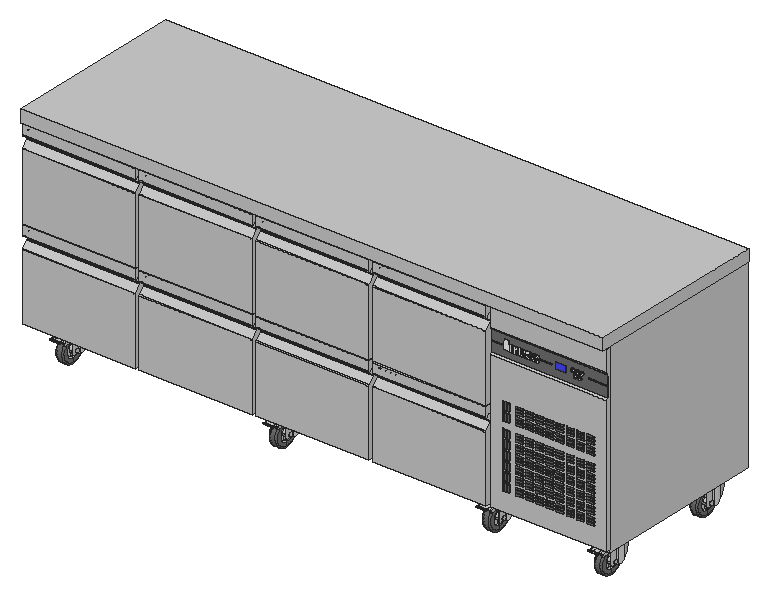
Revit family "QF_INOMAK_PNRP9999_250513010757", category Specialty Equipment, Revit 2021 (continued)
Definition of nested family "QF_INOMAK_REF_COUNTERS_DOORS_DRAWERS_35390"
  Nested families
    nested 8: "Hinged_Doors" at (0, 700, 0), Length Actual <- "Length Actual", Depth Actual <- "Depth Actual", Height Actual <- "Height Actual", Front inset <- "Front inset", Rear inset <- "Rear inset", Left panel thickness <- "Left panel thickness", Right panel thickness <- "Right panel thickness", Doors drawers type <- "Doors drawers type", Plinth height <- "Plinth height", Top inset <- "Top inset", Bottom inset <- "Bottom inset", Finish <- "Finish", type "Hinged doors"
      with Top inset 10 mm, Right panel thickness 0 mm, Rear inset 0 mm, Plinth height 0 mm, Length Actual 435 mm, Left panel thickness 0 mm, Hinged doors no, Height Actual 710 mm, Front inset 10 mm, Finish none, Doors drawers type 8, Depth Actual 700 mm, Bottom inset 10 mm
    nested 9: "Hopper" at (0, 700, 1.284), Length Actual <- "Length Actual", Depth Actual <- "Depth Actual", Height Actual <- "Height Actual", Front inset <- "Front inset", Rear inset <- "Rear inset", Left panel thickness <- "Left panel thickness", Right panel thickness <- "Right panel thickness", Doors drawers type <- "Doors drawers type", Plinth height <- "Plinth height", Top inset <- "Top inset", Bottom inset <- "Bottom inset", Finish <- "Finish", type "Hopper"
      with Top inset 10 mm, Right panel thickness 0 mm, Rear inset 0 mm, Plinth height 0 mm, Length Actual 435 mm, Left panel thickness 0 mm, Hopper no, Height Actual 710 mm, Front inset 10 mm, Finish none, Doors drawers type 8, Depth Actual 700 mm, Bottom inset 10 mm
  Definition of nested family "Left_Door"
    Parameters (values of type "Left door")
      URL = "www.specifiglobal.com"
      Top inset [instance] = 10 mm
      Right panel thickness [instance] = 0 mm
      Rear inset [instance] = 0 mm
      Plinth height [instance] = 150 mm
      Model = ""
      Manufacturer = "DEMO CONSULTANT"
      Length Actual [instance] = 700 mm
      Left panel thickness [instance] = 0 mm
      Left hand hinged door [instance] = Doors drawers type = 8  # yes
      Height Actual [instance] = 710 mm
      Front inset [instance] = 10 mm
      Finish = none
      Doors drawers type [instance] = 8
      Description = ""
      Depth Actual [instance] = 700 mm
      Default Elevation = 0 mm
      Bottom inset [instance] = 0 mm
      Assembly Code = "E1090320"
    Reference planes
      plane 1 "Back": y = 0
      plane 2: z = 0
      plane 3 "Left": x = 0
      plane 4 "Right": x = 700
      plane 5 "Front": y = -700
      plane 6 "Top": z = 860
      plane 7 "Front legs": y = -690
      plane 8 "Legs top": z = 150
      plane 9 "Backsplash thickness": y = 0
      plane 10 "Left panel": x = 0
      plane 11 "Right panel": x = 700
      plane 12: z = 850
      plane 13: z = 150
    Forms (mm)
      Extrusion 1, solid, material <- "Finish", visible <- "Left hand hinged door"
        sketch origin (0, 0, 0) x (0, -1, 0) y (0, 0, 1)
          loop
            line (690, 150) -> (690, 764.365)
            arc (690, 764.365) -> (689.866, 765.037) -> (689.485, 765.607) r 1.757
            line (689.485, 765.607) -> (666.663, 788.429)
            arc (666.663, 788.429) -> (665.976, 789.458) -> (665.734, 790.672) r 3.172
            line (665.734, 790.672) -> (665.734, 817.576)
            arc (665.734, 817.576) -> (666.433, 819.262) -> (668.119, 819.961) r 2.385
            line (668.119, 819.961) -> (680.029, 819.961) -> (686.544, 810.657)
            arc (686.544, 810.657) -> (688.671, 809.935) -> (690, 811.747) r 1.9
            line (690, 811.747) -> (690, 850) -> (648, 850) -> (648, 150) -> (690, 150)
        from 0 to -700
      Extrusion 2, solid, visible <- "Left hand hinged door", detail levels coarse
        sketch origin (0, -700, 150) x (-1, 0, 0) y (0, 1, 0)
          loop
            arc (-700, 10) -> (-495.871, -481.066) -> (0, -673.23) r 677.11
            line (0, -673.23) -> (0, 10) -> (-700, 10)
        from 0 to -700
    Lines and regions (mm)
      symbolic lines, visible <- "Left hand hinged door"
        curve 1: line (0, -700, 150) -> (0, -1373.247, 150)
        curve 2: arc (0, -1373.247, 150) -> (492.316, -1184.595, 150) -> (700, -700, 150) r 676.963
    Dimensions and locks
      "Length Actual": plane 3 "Left" to plane 4 "Right"
      "Depth Actual": plane 5 "Front" to plane 1 "Back"
      "Height Actual": plane 6 "Top" to plane 8 "Legs top"
      "Front inset": plane 7 "Front legs" to plane 5 "Front"
      "Plinth height": plane 8 "Legs top" to plane 2
      "Rear inset": plane 9 "Backsplash thickness" to plane 1 "Back"
      "Right panel thickness": plane 11 "Right panel" to plane 4 "Right"
      "Left panel thickness": plane 3 "Left" to plane 10 "Left panel"
      "Top inset": plane 6 "Top" to plane 12
      "Bottom inset": plane 13 to plane 8 "Legs top"
      aligned and locked: level to plane 2
      aligned and locked: Extrusion 1 to plane 11 "Right panel"
      aligned and locked: plane 10 "Left panel" to Extrusion 2 sketch curve
      aligned and locked: plane 11 "Right panel" to Extrusion 2 sketch curve
      aligned and locked: Extrusion 2 sketch curve to plane 10 "Left panel"
      aligned and locked: plane 7 "Front legs" to Extrusion 2 sketch curve
      aligned and locked: plane 7 "Front legs" to Extrusion 2
      aligned and locked: plane 10 "Left panel" to Extrusion 2
      aligned and locked: Extrusion 2 to plane 12
      aligned and locked: Extrusion 1 sketch curve to plane 13
      aligned and locked: Extrusion 1 sketch curve to plane 7 "Front legs"
      aligned and locked: Extrusion 1 sketch curve to plane 12
    Automatic sketch dimensions
      Extrusion 1 sketch curve to Extrusion 1 sketch curve = 1.556 mm
      Extrusion 1 sketch curve to Extrusion 1 sketch curve = 11.91 mm
      Extrusion 1 sketch curve to Extrusion 1 sketch curve = 2.243 mm
      Extrusion 1 sketch curve to Extrusion 1 sketch curve = 2.385 mm
      Extrusion 1 sketch curve to Extrusion 1 sketch curve = 20.119 mm
      Extrusion 1 sketch curve to Extrusion 1 sketch curve = 22.822 mm
      Extrusion 1 sketch curve to Extrusion 1 sketch curve = 19.985 mm
      Extrusion 1 sketch curve to Extrusion 1 sketch curve = 6.919 mm
      Extrusion 1 sketch curve to Extrusion 1 sketch curve = 30.039 mm
      plane 7 "Front legs" to Extrusion 1 sketch curve = 42 mm
      Extrusion 1 sketch curve to Extrusion 1 sketch curve = 0.929 mm
      Extrusion 1 sketch curve to Extrusion 1 sketch curve = 6.515 mm
      Extrusion 1 sketch curve to Extrusion 1 sketch curve = 1.242 mm
      Extrusion 1 sketch curve to Extrusion 1 sketch curve = 1.9 mm
      Extrusion 1 sketch curve to Extrusion 1 sketch curve = 0.515 mm
      plane 5 "Front" to Extrusion 2 sketch curve = 3.492 mm
      plane 3 "Left" to Extrusion 2 sketch curve = 22.921 mm
      curve 1 to plane 3 "Left" = 0 mm
      curve 2 to plane 4 "Right" = 0 mm
      curve 2 to plane 5 "Front" = 0 mm
      curve 1 to plane 5 "Front" = 0 mm
      plane 5 "Front" to curve 2 = 3.324 mm
      plane 3 "Left" to curve 2 = 23.045 mm
  Definition of nested family "Right_Door"
    Parameters (values of type "Right door")
      URL = "www.specifiglobal.com"
      Top inset [instance] = 4 mm
      Right panel thickness [instance] = 35 mm
      Right hand hinged door [instance] = Doors drawers type = 9  # yes
      Rear inset [instance] = 10 mm
      Plinth height [instance] = 150 mm
      Model = ""
      Manufacturer = "DEMO CONSULTANT"
      Length Actual [instance] = 1700 mm
      Left panel thickness [instance] = 35 mm
      Height Actual [instance] = 900 mm
      Front inset [instance] = 10 mm
      Finish = none
      Doors drawers type [instance] = 9
      Description = ""
      Depth Actual [instance] = 700 mm
      Default Elevation = 0 mm
      Bottom inset [instance] = 4 mm
      Assembly Code = "E1090320"
    Reference planes
      plane 1 "Back": y = 0
      plane 2: z = 0
      plane 3 "Left": x = 0
      plane 4 "Right": x = 1700
      plane 5 "Front": y = -700
      plane 6 "Top": z = 1050
      plane 7 "Front legs": y = -690
      plane 8 "Legs top": z = 150
      plane 9 "Backsplash thickness": y = -10
      plane 10 "Left panel": x = 35
      plane 11 "Right panel": x = 1665
      plane 12: z = 1046
      plane 13: z = 154
    Forms (mm)
      Extrusion 1, solid, material <- "Finish", visible <- "Right hand hinged door"
        sketch origin (35, 0, 0) x (0, -1, 0) y (0, 0, 1)
          loop
            line (690, 154) -> (690, 960.365)
            arc (690, 960.365) -> (689.866, 961.037) -> (689.485, 961.607) r 1.757
            line (689.485, 961.607) -> (666.663, 984.429)
            arc (666.663, 984.429) -> (665.976, 985.458) -> (665.734, 986.672) r 3.172
            line (665.734, 986.672) -> (665.734, 1013.576)
            arc (665.734, 1013.576) -> (666.433, 1015.262) -> (668.119, 1015.961) r 2.385
            line (668.119, 1015.961) -> (680.029, 1015.961) -> (686.544, 1006.657)
            arc (686.544, 1006.657) -> (688.671, 1005.935) -> (690, 1007.747) r 1.9
            line (690, 1007.747) -> (690, 1046) -> (648, 1046) -> (648, 154) -> (690, 154)
        from 0 to -1630
      Extrusion 2, solid, visible <- "Right hand hinged door", detail levels coarse
        sketch origin (0, -700, 154) x (-1, 0, 0) y (0, 1, 0)
          loop
            line (-1665, 10) -> (-1665, -1637.12)
            arc (-1665, -1637.12) -> (-517.894, -1142.214) -> (-35, 10) r 1670.236
            line (-35, 10) -> (-1665, 10)
        from 0 to -892
    Lines and regions (mm)
      symbolic lines, visible <- "Right hand hinged door"
        curve 1: line (1665, -2337.12, 150) -> (1665, -700, 150)
        curve 2: arc (1665, -2337.12, 150) -> (521.415, -1845.762, 150) -> (35.165, -699.995, 150) r 1670.236
    Dimensions and locks
      "Length Actual": plane 3 "Left" to plane 4 "Right"
      "Depth Actual": plane 5 "Front" to plane 1 "Back"
      "Height Actual": plane 6 "Top" to plane 8 "Legs top"
      "Front inset": plane 7 "Front legs" to plane 5 "Front"
      "Plinth height": plane 8 "Legs top" to plane 2
      "Rear inset": plane 9 "Backsplash thickness" to plane 1 "Back"
      "Right panel thickness": plane 11 "Right panel" to plane 4 "Right"
      "Left panel thickness": plane 3 "Left" to plane 10 "Left panel"
      "Top inset": plane 6 "Top" to plane 12
      "Bottom inset": plane 13 to plane 8 "Legs top"
      aligned and locked: level to plane 2
      aligned and locked: Extrusion 1 to plane 11 "Right panel"
      aligned and locked: plane 10 "Left panel" to Extrusion 2 sketch curve
      aligned and locked: plane 11 "Right panel" to Extrusion 2 sketch curve
      aligned and locked: plane 7 "Front legs" to Extrusion 2
      aligned and locked: plane 7 "Front legs" to Extrusion 2 sketch curve
      aligned and locked: Extrusion 2 sketch curve to plane 11 "Right panel"
      aligned and locked: curve 1 to Extrusion 2
      aligned and locked: plane 5 "Front" to curve 1
      aligned and locked: Extrusion 2 to plane 12
      aligned and locked: Extrusion 1 sketch curve to plane 12
      aligned and locked: Extrusion 1 sketch curve to plane 7 "Front legs"
      aligned and locked: Extrusion 1 sketch curve to plane 13
      aligned and locked: curve 2 to Extrusion 2
    Automatic sketch dimensions
      Extrusion 1 sketch curve to Extrusion 1 sketch curve = 1.556 mm
      Extrusion 1 sketch curve to Extrusion 1 sketch curve = 11.91 mm
      Extrusion 1 sketch curve to Extrusion 1 sketch curve = 2.243 mm
      Extrusion 1 sketch curve to Extrusion 1 sketch curve = 2.385 mm
      Extrusion 1 sketch curve to Extrusion 1 sketch curve = 20.119 mm
      Extrusion 1 sketch curve to Extrusion 1 sketch curve = 22.822 mm
      Extrusion 1 sketch curve to Extrusion 1 sketch curve = 19.985 mm
      Extrusion 1 sketch curve to Extrusion 1 sketch curve = 6.919 mm
      Extrusion 1 sketch curve to Extrusion 1 sketch curve = 30.039 mm
      plane 7 "Front legs" to Extrusion 1 sketch curve = 42 mm
      Extrusion 1 sketch curve to Extrusion 1 sketch curve = 0.929 mm
      Extrusion 1 sketch curve to Extrusion 1 sketch curve = 6.515 mm
      Extrusion 1 sketch curve to Extrusion 1 sketch curve = 1.242 mm
      Extrusion 1 sketch curve to Extrusion 1 sketch curve = 1.9 mm
      Extrusion 1 sketch curve to Extrusion 1 sketch curve = 0.515 mm
      Extrusion 2 sketch curve to plane 4 "Right" = 5.083 mm
      plane 7 "Front legs" to Extrusion 2 sketch curve = 22.635 mm
      plane 5 "Front" to curve 2 = 0.005 mm
  Definition of nested family "3_Drawers_1-3"
    Parameters (values of type "3 Drawers 1-3")
      URL = "www.specifiglobal.com"
      Top inset [instance] = 4 mm
      Right panel thickness [instance] = 35 mm
      Rear inset [instance] = 10 mm
      Plinth height [instance] = 150 mm
      Model = ""
      Manufacturer = "DEMO CONSULTANT"
      Length Actual [instance] = 1200 mm
      Left panel thickness [instance] = 35 mm
      Height Actual [instance] = 900 mm
      Front inset [instance] = 10 mm
      Finish = none
      Doors drawers type [instance] = 6
      Description = ""
      Depth Actual [instance] = 700 mm
      Default Elevation = 0 mm
      Bottom inset [instance] = 4 mm
      Assembly Code = "E1090320"
      3 Drawers [instance] = Doors drawers type = 6  # yes
    Reference planes
      plane 1 "Back": y = 0
      plane 2: z = 0
      plane 3 "Left": x = 0
      plane 4 "Right": x = 1200
      plane 5 "Front": y = -700
      plane 6 "Top": z = 1050
      plane 7 "Front legs": y = -690
      plane 8 "Legs top": z = 150
      plane 9 "Backsplash thickness": y = -10
      plane 10 "Left panel": x = 35
      plane 11 "Right panel": x = 1165
      plane 12: z = 749.333
      plane 13: z = 1046
      plane 14: z = 751.667
      plane 15: z = 747
      plane 16: z = 1048
      plane 17: z = 450.667
      plane 18: z = 453.333
      plane 19: z = 448
      plane 20: z = 154
      plane 21: z = 152
    Forms (mm)
      Extrusion 1, solid, material <- "Finish", visible <- "3 Drawers"
        sketch origin (35, 0, 0) x (0, -1, 0) y (0, 0, 1)
          loop
            line (690, 751.667) -> (690, 960.365)
            arc (690, 960.365) -> (689.866, 961.037) -> (689.485, 961.607) r 1.757
            line (689.485, 961.607) -> (666.663, 984.429)
            arc (666.663, 984.429) -> (665.976, 985.458) -> (665.734, 986.672) r 3.172
            line (665.734, 986.672) -> (665.734, 1013.576)
            arc (665.734, 1013.576) -> (666.433, 1015.262) -> (668.119, 1015.961) r 2.385
            line (668.119, 1015.961) -> (680.029, 1015.961) -> (686.544, 1006.657)
            arc (686.544, 1006.657) -> (688.671, 1005.935) -> (690, 1007.747) r 1.9
            line (690, 1007.747) -> (690, 1046) -> (648, 1046) -> (648, 751.667) -> (690, 751.667)
        from 0 to -1130
      Extrusion 2, solid, visible <- "3 Drawers", detail levels coarse
        sketch origin (0, -640.463, 751.667) x (0, 1, 0) y (-1, 0, 0)
          loop
            line (-49.537, -35) -> (-624.582, -35) -> (-624.582, -1165) -> (-49.537, -1165) -> (-49.537, -35)
        from 0 to 294.333
      Extrusion 3, solid, visible <- "3 Drawers", detail levels coarse
        sketch origin (0, -640.463, 453.333) x (0, 1, 0) y (-1, 0, 0)
          loop
            line (-49.537, -35) -> (-624.582, -35) -> (-624.582, -1165) -> (-49.537, -1165) -> (-49.537, -35)
        from 0 to 293.667
      Extrusion 4, solid, visible <- "3 Drawers", detail levels coarse
        sketch origin (0, -700, 154) x (-1, 0, 0) y (0, 1, 0)
          loop
            line (-35, 10) -> (-1165, 10) -> (-1165, -565.045) -> (-35, -565.045) -> (-35, 10)
        from 0 to -294
      Extrusion 5, solid, material <- "Finish", visible <- "3 Drawers"
        sketch origin (35, 0, -220.667) x (0, -1, 0) y (0, 0, 1)
          loop
            line (690, 674) -> (690, 882.031)
            arc (690, 882.031) -> (689.866, 882.704) -> (689.485, 883.274) r 1.757
            line (689.485, 883.274) -> (666.663, 906.096)
            arc (666.663, 906.096) -> (665.976, 907.125) -> (665.734, 908.339) r 3.172
            line (665.734, 908.339) -> (665.734, 935.243)
            arc (665.734, 935.243) -> (666.433, 936.929) -> (668.119, 937.628) r 2.385
            line (668.119, 937.628) -> (680.029, 937.628) -> (686.544, 928.324)
            arc (686.544, 928.324) -> (688.671, 927.602) -> (690, 929.414) r 1.9
            line (690, 929.414) -> (690, 967.667) -> (648, 967.667) -> (648, 674) -> (690, 674)
        from 0 to -1130
      Extrusion 6, solid, material <- "Finish", visible <- "3 Drawers"
        sketch origin (35, 0, -441.333) x (0, -1, 0) y (0, 0, 1)
          loop
            line (690, 595.333) -> (690, 800.031)
            arc (690, 800.031) -> (689.866, 800.704) -> (689.485, 801.274) r 1.757
            line (689.485, 801.274) -> (666.663, 824.096)
            arc (666.663, 824.096) -> (665.976, 825.125) -> (665.734, 826.339) r 3.172
            line (665.734, 826.339) -> (665.734, 857.243)
            arc (665.734, 857.243) -> (666.433, 858.929) -> (668.119, 859.628) r 2.385
            line (668.119, 859.628) -> (680.029, 859.628) -> (686.544, 850.324)
            arc (686.544, 850.324) -> (688.671, 849.602) -> (690, 851.414) r 1.9
            line (690, 851.414) -> (690, 889.333) -> (648, 889.333) -> (648, 595.333) -> (690, 595.333)
        from 0 to -1130
    Lines and regions (mm)
      symbolic lines, visible <- "3 Drawers"
        curve 1: line (35, -850, 900) -> (35, -890, 900)
        curve 2: line (35, -890, 900) -> (1165, -890, 900)
        curve 3: line (1165, -890, 900) -> (1165, -850, 900)
        curve 4: line (1165, -850, 900) -> (35, -850, 900)
        curve 5: line (1135, -850, 900) -> (1135, -700, 900)
        curve 6: line (65, -850, 900) -> (65, -700, 900)
        curve 7: line (35, -1040, 900) -> (35, -1080, 900)
        curve 8: line (35, -1080, 900) -> (1165, -1080, 900)
        curve 9: line (1165, -1080, 900) -> (1165, -1040, 900)
        curve 10: line (1165, -1040, 900) -> (35, -1040, 900)
        curve 11: line (1135, -1040, 900) -> (1135, -890, 900)
        curve 12: line (65, -1040, 900) -> (65, -890, 900)
        curve 13: line (35, -1225, 900) -> (35, -1265, 900)
        curve 14: line (35, -1265, 900) -> (1165, -1265, 900)
        curve 15: line (1165, -1265, 900) -> (1165, -1225, 900)
        curve 16: line (1165, -1225, 900) -> (35, -1225, 900)
        curve 17: line (1135, -1225, 900) -> (1135, -1080, 900)
        curve 18: line (65, -1225, 900) -> (65, -1080, 900)
    Dimensions and locks
      "Length Actual": plane 3 "Left" to plane 4 "Right"
      "Depth Actual": plane 5 "Front" to plane 1 "Back"
      "Height Actual": plane 6 "Top" to plane 8 "Legs top"
      "Front inset": plane 7 "Front legs" to plane 5 "Front"
      "Plinth height": plane 8 "Legs top" to plane 2
      "Rear inset": plane 9 "Backsplash thickness" to plane 1 "Back"
      "Right panel thickness": plane 11 "Right panel" to plane 4 "Right"
      "Left panel thickness": plane 3 "Left" to plane 10 "Left panel"
      plane 14 to plane 15 = 4.667 mm
      equal spacing: plane 14, plane 12, plane 15
      locked: plane 16 to plane 13 at 2
      equal spacing: plane 18, plane 17, plane 19
      plane 18 to plane 19 = 5.333 mm
      "Bottom inset": plane 20 to plane 8 "Legs top"
      equal spacing: plane 21, plane 17, plane 12, plane 16
      "Top inset": plane 13 to plane 6 "Top"
      locked: plane 21 to plane 20 at 2
      aligned and locked: level to plane 2
      aligned and locked: Extrusion 1 to plane 11 "Right panel"
      aligned and locked: plane 10 "Left panel" to curve 1
      aligned and locked: plane 10 "Left panel" to curve 7
      aligned and locked: plane 10 "Left panel" to curve 13
      aligned and locked: Extrusion 2 sketch curve to plane 10 "Left panel"
      aligned and locked: plane 11 "Right panel" to Extrusion 2 sketch curve
      aligned and locked: Extrusion 3 sketch curve to plane 10 "Left panel"
      aligned and locked: plane 11 "Right panel" to Extrusion 3 sketch curve
      aligned and locked: Extrusion 4 sketch curve to plane 10 "Left panel"
      aligned and locked: plane 11 "Right panel" to Extrusion 4 sketch curve
      aligned and locked: Extrusion 2 to plane 13
      aligned and locked: Extrusion 3 to plane 15
      aligned and locked: Extrusion 4 to plane 19
      aligned and locked: Extrusion 5 to plane 11 "Right panel"
      aligned and locked: Extrusion 6 to plane 11 "Right panel"
      aligned and locked: Extrusion 1 sketch curve to plane 13
      aligned and locked: Extrusion 1 sketch curve to plane 7 "Front legs"
      aligned and locked: plane 18 to Extrusion 5 sketch curve
      aligned and locked: Extrusion 6 sketch curve to Extrusion 4  (x2)
      aligned and locked: Extrusion 5 sketch curve to plane 15
      aligned and locked: Extrusion 4 to Extrusion 5 sketch curve
      aligned and locked: Extrusion 6 sketch curve to plane 19
      aligned and locked: Extrusion 6 sketch curve to plane 20
    Automatic sketch dimensions
      Extrusion 2 sketch curve to plane 7 "Front legs" = 0 mm
      Extrusion 2 sketch curve to plane 5 "Front" = 565.045 mm
      Extrusion 3 sketch curve to plane 7 "Front legs" = 0 mm
      Extrusion 3 sketch curve to plane 5 "Front" = 565.045 mm
      Extrusion 4 sketch curve to plane 7 "Front legs" = 0 mm
      Extrusion 4 sketch curve to plane 5 "Front" = 565.045 mm
      curve 14 to plane 11 "Right panel" = 0 mm
      curve 8 to plane 11 "Right panel" = 0 mm
      curve 3 to plane 11 "Right panel" = 0 mm
      curve 6 to plane 5 "Front" = 0 mm
      curve 5 to plane 5 "Front" = 0 mm
      curve 1 to plane 5 "Front" = 150 mm
      curve 2 to curve 3 = 40 mm
      curve 10 to curve 1 = 150 mm
      curve 9 to curve 9 = 40 mm
      curve 13 to curve 7 = 145 mm
      curve 14 to curve 13 = 40 mm
      curve 3 to curve 5 = 30 mm
      curve 15 to curve 17 = 30 mm
      curve 11 to curve 17 = 0 mm
      curve 6 to plane 10 "Left panel" = 30 mm
      curve 18 to plane 10 "Left panel" = 30 mm
      curve 12 to curve 18 = 0 mm
      Extrusion 1 sketch curve to plane 14 = 0 mm
      Extrusion 1 sketch curve to plane 7 "Front legs" = 0 mm
      plane 7 "Front legs" to Extrusion 1 sketch curve = 0.515 mm
      plane 7 "Front legs" to Extrusion 1 sketch curve = 1.757 mm
      plane 7 "Front legs" to Extrusion 1 sketch curve = 1.9 mm
      Extrusion 1 sketch curve to Extrusion 1 sketch curve = 1.556 mm
      plane 7 "Front legs" to Extrusion 1 sketch curve = 9.971 mm
      plane 7 "Front legs" to Extrusion 1 sketch curve = 21.094 mm
      Extrusion 1 sketch curve to Extrusion 1 sketch curve = 11.91 mm
      Extrusion 1 sketch curve to Extrusion 1 sketch curve = 2.243 mm
      Extrusion 1 sketch curve to Extrusion 1 sketch curve = 2.385 mm
      Extrusion 1 sketch curve to Extrusion 1 sketch curve = 20.119 mm
      plane 13 to Extrusion 1 sketch curve = 85.635 mm
      Extrusion 1 sketch curve to Extrusion 1 sketch curve = 22.822 mm
      Extrusion 1 sketch curve to Extrusion 1 sketch curve = 19.985 mm
      Extrusion 1 sketch curve to Extrusion 1 sketch curve = 6.919 mm
      plane 15 to Extrusion 5 sketch curve = 59.328 mm
      Extrusion 5 sketch curve to Extrusion 5 sketch curve = 17.734 mm
      plane 15 to Extrusion 5 sketch curve = 61.571 mm
      Extrusion 5 sketch curve to Extrusion 5 sketch curve = 0.929 mm
      Extrusion 5 sketch curve to Extrusion 5 sketch curve = 2.385 mm
      Extrusion 5 sketch curve to Extrusion 5 sketch curve = 11.91 mm
      Extrusion 5 sketch curve to Extrusion 5 sketch curve = 6.515 mm
      Extrusion 5 sketch curve to Extrusion 5 sketch curve = 1.556 mm
      Extrusion 5 sketch curve to Extrusion 5 sketch curve = 21.58 mm
      plane 15 to Extrusion 5 sketch curve = 84.393 mm
      Extrusion 5 sketch curve to Extrusion 5 sketch curve = 1.242 mm
      Extrusion 5 sketch curve to Extrusion 5 sketch curve = 1.9 mm
      Extrusion 5 sketch curve to Extrusion 5 sketch curve = 0.515 mm
      Extrusion 5 sketch curve to Extrusion 5 sketch curve = 6.919 mm
      Extrusion 5 sketch curve to Extrusion 5 sketch curve = 30.039 mm
      plane 7 "Front legs" to Extrusion 6 sketch curve = 0.515 mm
      plane 7 "Front legs" to Extrusion 6 sketch curve = 1.757 mm
      plane 7 "Front legs" to Extrusion 6 sketch curve = 1.9 mm
      Extrusion 6 sketch curve to Extrusion 6 sketch curve = 1.556 mm
      plane 7 "Front legs" to Extrusion 6 sketch curve = 9.971 mm
      plane 7 "Front legs" to Extrusion 6 sketch curve = 21.094 mm
      Extrusion 6 sketch curve to Extrusion 6 sketch curve = 11.91 mm
      Extrusion 6 sketch curve to Extrusion 6 sketch curve = 2.243 mm
      Extrusion 6 sketch curve to Extrusion 6 sketch curve = 2.385 mm
      Extrusion 6 sketch curve to Extrusion 6 sketch curve = 20.119 mm
      plane 19 to Extrusion 6 sketch curve = 89.302 mm
      Extrusion 6 sketch curve to Extrusion 6 sketch curve = 22.822 mm
      Extrusion 6 sketch curve to Extrusion 6 sketch curve = 23.985 mm
      Extrusion 6 sketch curve to Extrusion 6 sketch curve = 6.919 mm
  Definition of nested family "2_Drawers_1-2"
    Parameters (values of type "2 Drawers 1-2")
      URL = "www.specifiglobal.com"
      Top inset [instance] = 4 mm
      Right panel thickness [instance] = 35 mm
      Rear inset [instance] = 10 mm
      Plinth height [instance] = 150 mm
      Model = ""
      Manufacturer = "DEMO CONSULTANT"
      Length Actual [instance] = 1200 mm
      Left panel thickness [instance] = 35 mm
      Height Actual [instance] = 900 mm
      Front inset [instance] = 10 mm
      Finish = none
      Doors drawers type [instance] = 4
      Description = ""
      Depth Actual [instance] = 700 mm
      Default Elevation = 0 mm
      Bottom inset [instance] = 4 mm
      Assembly Code = "E1090320"
      2 Drawers [instance] = Doors drawers type = 4  # yes
    Reference planes
      plane 1 "Back": y = 0
      plane 2: z = 0
      plane 3 "Left": x = 0
      plane 4 "Right": x = 1200
      plane 5 "Front": y = -700
      plane 6 "Top": z = 1050
      plane 7 "Front legs": y = -690
      plane 8 "Legs top": z = 150
      plane 9 "Backsplash thickness": y = -10
      plane 10 "Left panel": x = 35
      plane 11 "Right panel": x = 1165
      plane 12: z = 600
      plane 13: z = 1046
      plane 14: z = 602
      plane 15: z = 598
      plane 16: z = 154
    Forms (mm)
      Extrusion 1, solid, material <- "Finish", visible <- "2 Drawers"
        sketch origin (35, 0, 0) x (0, -1, 0) y (0, 0, 1)
          loop
            line (690, 602) -> (690, 960.365)
            arc (690, 960.365) -> (689.866, 961.037) -> (689.485, 961.607) r 1.757
            line (689.485, 961.607) -> (666.663, 984.429)
            arc (666.663, 984.429) -> (665.976, 985.458) -> (665.734, 986.672) r 3.172
            line (665.734, 986.672) -> (665.734, 1013.576)
            arc (665.734, 1013.576) -> (666.433, 1015.262) -> (668.119, 1015.961) r 2.385
            line (668.119, 1015.961) -> (680.029, 1015.961) -> (686.544, 1006.657)
            arc (686.544, 1006.657) -> (688.671, 1005.935) -> (690, 1007.747) r 1.9
            line (690, 1007.747) -> (690, 1046) -> (648, 1046) -> (648, 602) -> (690, 602)
        from 0 to -1130
      Extrusion 2, solid, visible <- "2 Drawers", detail levels coarse
        sketch origin (0, -640.463, 602) x (0, 1, 0) y (-1, 0, 0)
          loop
            line (-49.537, -35) -> (-624.537, -35) -> (-624.537, -1165) -> (-49.537, -1165) -> (-49.537, -35)
        from 0 to 444
      Extrusion 3, solid, visible <- "2 Drawers", detail levels coarse
        sketch origin (0, -700, 154) x (-1, 0, 0) y (0, 1, 0)
          loop
            line (-35, 10) -> (-1165, 10) -> (-1165, -565) -> (-35, -565) -> (-35, 10)
        from 0 to -444
      Extrusion 4, solid, material <- "Finish", visible <- "2 Drawers"
        sketch origin (35, 0, -441.333) x (0, -1, 0) y (0, 0, 1)
          loop
            line (690, 595.333) -> (690, 953.698)
            arc (690, 953.698) -> (689.866, 954.37) -> (689.485, 954.94) r 1.757
            line (689.485, 954.94) -> (666.663, 977.763)
            arc (666.663, 977.763) -> (665.976, 978.792) -> (665.734, 980.006) r 3.172
            line (665.734, 980.006) -> (665.734, 1006.909)
            arc (665.734, 1006.909) -> (666.433, 1008.596) -> (668.119, 1009.294) r 2.385
            line (668.119, 1009.294) -> (680.029, 1009.294) -> (686.544, 999.991)
            arc (686.544, 999.991) -> (688.671, 999.268) -> (690, 1001.08) r 1.9
            line (690, 1001.08) -> (690, 1039.333) -> (648, 1039.333) -> (648, 595.333) -> (690, 595.333)
        from 0 to -1130
    Lines and regions (mm)
      symbolic lines, visible <- "2 Drawers"
        curve 1: line (35, -940, 900) -> (35, -980, 900)
        curve 2: line (35, -980, 900) -> (1165, -980, 900)
        curve 3: line (1165, -980, 900) -> (1165, -940, 900)
        curve 4: line (1165, -940, 900) -> (35, -940, 900)
        curve 5: line (1135, -940, 900) -> (1135, -700, 900)
        curve 6: line (65, -940, 900) -> (65, -700, 900)
        curve 7: line (35, -1225, 900) -> (35, -1265, 900)
        curve 8: line (35, -1265, 900) -> (1165, -1265, 900)
        curve 9: line (1165, -1265, 900) -> (1165, -1225, 900)
        curve 10: line (1165, -1225, 900) -> (35, -1225, 900)
        curve 11: line (1135, -1225, 900) -> (1135, -980, 900)
        curve 12: line (65, -1225, 900) -> (65, -980, 900)
    Dimensions and locks
      "Length Actual": plane 3 "Left" to plane 4 "Right"
      "Depth Actual": plane 5 "Front" to plane 1 "Back"
      "Height Actual": plane 6 "Top" to plane 8 "Legs top"
      "Front inset": plane 7 "Front legs" to plane 5 "Front"
      "Plinth height": plane 8 "Legs top" to plane 2
      "Rear inset": plane 9 "Backsplash thickness" to plane 1 "Back"
      "Right panel thickness": plane 11 "Right panel" to plane 4 "Right"
      "Left panel thickness": plane 3 "Left" to plane 10 "Left panel"
      "Top inset": plane 6 "Top" to plane 13
      "Bottom inset": plane 16 to plane 8 "Legs top"
      equal spacing: plane 16, plane 12, plane 13
      locked: plane 14 to plane 12 at 2
      locked: plane 15 to plane 12 at 2
      aligned and locked: level to plane 2
      aligned and locked: Extrusion 1 to plane 11 "Right panel"
      aligned and locked: plane 10 "Left panel" to curve 1
      aligned and locked: plane 10 "Left panel" to curve 7
      aligned and locked: Extrusion 2 sketch curve to plane 10 "Left panel"
      aligned and locked: plane 11 "Right panel" to Extrusion 2 sketch curve
      aligned and locked: Extrusion 3 sketch curve to plane 10 "Left panel"
      aligned and locked: plane 11 "Right panel" to Extrusion 3 sketch curve
      aligned and locked: Extrusion 2 to plane 13
      aligned and locked: Extrusion 4 to plane 11 "Right panel"
      aligned and locked: Extrusion 3 to plane 15
      aligned and locked: Extrusion 1 sketch curve to plane 13
      aligned and locked: Extrusion 1 sketch curve to plane 7 "Front legs"
      aligned and locked: plane 14 to Extrusion 1 sketch curve
      aligned and locked: Extrusion 4 sketch curve to plane 15
      aligned and locked: Extrusion 4 sketch curve to plane 7 "Front legs"
      aligned and locked: Extrusion 4 sketch curve to plane 16
    Automatic sketch dimensions
      Extrusion 2 sketch curve to plane 7 "Front legs" = 0 mm
      Extrusion 2 sketch curve to plane 5 "Front" = 565 mm
      Extrusion 3 sketch curve to plane 7 "Front legs" = 0 mm
      Extrusion 3 sketch curve to plane 5 "Front" = 565 mm
      curve 9 to plane 11 "Right panel" = 0 mm
      curve 2 to plane 11 "Right panel" = 0 mm
      curve 5 to plane 5 "Front" = 0 mm
      curve 6 to plane 5 "Front" = 0 mm
      curve 1 to plane 5 "Front" = 240 mm
      curve 3 to curve 3 = 40 mm
      curve 7 to curve 1 = 245 mm
      curve 8 to curve 9 = 40 mm
      plane 11 "Right panel" to curve 5 = 30 mm
      curve 2 to curve 11 = 30 mm
      curve 6 to plane 10 "Left panel" = 30 mm
      curve 12 to plane 10 "Left panel" = 30 mm
      Extrusion 1 sketch curve to Extrusion 1 sketch curve = 17.734 mm
      Extrusion 1 sketch curve to Extrusion 1 sketch curve = 0.929 mm
      Extrusion 1 sketch curve to Extrusion 1 sketch curve = 2.385 mm
      Extrusion 1 sketch curve to Extrusion 1 sketch curve = 3.172 mm
      Extrusion 1 sketch curve to Extrusion 1 sketch curve = 11.91 mm
      Extrusion 1 sketch curve to Extrusion 1 sketch curve = 6.515 mm
      Extrusion 1 sketch curve to Extrusion 1 sketch curve = 1.556 mm
      Extrusion 1 sketch curve to Extrusion 1 sketch curve = 21.58 mm
      Extrusion 1 sketch curve to Extrusion 1 sketch curve = 1.242 mm
      Extrusion 1 sketch curve to Extrusion 1 sketch curve = 1.9 mm
      Extrusion 1 sketch curve to Extrusion 1 sketch curve = 0.515 mm
      Extrusion 1 sketch curve to Extrusion 1 sketch curve = 22.822 mm
      Extrusion 1 sketch curve to Extrusion 1 sketch curve = 19.985 mm
      Extrusion 1 sketch curve to Extrusion 1 sketch curve = 6.919 mm
      Extrusion 1 sketch curve to Extrusion 1 sketch curve = 30.039 mm
      Extrusion 4 sketch curve to plane 7 "Front legs" = 0 mm
      plane 7 "Front legs" to Extrusion 4 sketch curve = 0.515 mm
      plane 7 "Front legs" to Extrusion 4 sketch curve = 1.757 mm
      plane 7 "Front legs" to Extrusion 4 sketch curve = 1.9 mm
      Extrusion 4 sketch curve to Extrusion 4 sketch curve = 1.556 mm
      plane 7 "Front legs" to Extrusion 4 sketch curve = 9.971 mm
      plane 7 "Front legs" to Extrusion 4 sketch curve = 21.094 mm
      Extrusion 4 sketch curve to Extrusion 4 sketch curve = 11.91 mm
      Extrusion 4 sketch curve to Extrusion 4 sketch curve = 2.243 mm
      Extrusion 4 sketch curve to Extrusion 4 sketch curve = 2.385 mm
      Extrusion 4 sketch curve to Extrusion 4 sketch curve = 20.119 mm
      Extrusion 4 sketch curve to Extrusion 4 sketch curve = 22.822 mm
      Extrusion 4 sketch curve to Extrusion 4 sketch curve = 19.985 mm
      Extrusion 4 sketch curve to Extrusion 4 sketch curve = 6.919 mm
      Extrusion 4 sketch curve to Extrusion 4 sketch curve = 30.039 mm
  Definition of nested family "2_Drawers_1-3_2-3"
    Parameters (values of type "2 Drawers 1-3 and 2-3")
      URL = "www.specifiglobal.com"
      Top inset [instance] = 4 mm
      Right panel thickness [instance] = 35 mm
      Rear inset [instance] = 10 mm
      Plinth height [instance] = 150 mm
      Model = ""
      Manufacturer = "DEMO CONSULTANT"
      Length Actual [instance] = 1200 mm
      Left panel thickness [instance] = 35 mm
      Height Actual [instance] = 900 mm
      Front inset [instance] = 10 mm
      Finish = none
      Doors drawers type [instance] = 5
      Description = ""
      Depth Actual [instance] = 700 mm
      Default Elevation = 0 mm
      Bottom inset [instance] = 4 mm
      Assembly Code = "E1090320"
      2 Drawers 1-3 and 2-3 [instance] = Doors drawers type = 5  # yes
    Reference planes
      plane 1 "Back": y = 0
      plane 2: z = 0
      plane 3 "Left": x = 0
      plane 4 "Right": x = 1200
      plane 5 "Front": y = -700
      plane 6 "Top": z = 1050
      plane 7 "Front legs": y = -690
      plane 8 "Legs top": z = 150
      plane 9 "Backsplash thickness": y = -10
      plane 10 "Left panel": x = 35
      plane 11 "Right panel": x = 1165
      plane 12: z = 1046
      plane 13: z = 751.833
      plane 14: z = 746.833
      plane 15: z = 154
      plane 16: z = 450.667
      plane 17: z = 152
      plane 18: z = 1048
      plane 19: z = 749.333
    Forms (mm)
      Extrusion 1, solid, material <- "Finish", visible <- "2 Drawers 1-3 and 2-3"
        sketch origin (35, 0, 0) x (0, -1, 0) y (0, 0, 1)
          loop
            line (690, 751.833) -> (690, 960.365)
            arc (690, 960.365) -> (689.866, 961.037) -> (689.485, 961.607) r 1.757
            line (689.485, 961.607) -> (666.663, 984.429)
            arc (666.663, 984.429) -> (665.976, 985.458) -> (665.734, 986.672) r 3.172
            line (665.734, 986.672) -> (665.734, 1013.576)
            arc (665.734, 1013.576) -> (666.433, 1015.262) -> (668.119, 1015.961) r 2.385
            line (668.119, 1015.961) -> (680.029, 1015.961) -> (686.544, 1006.657)
            arc (686.544, 1006.657) -> (688.671, 1005.935) -> (690, 1007.747) r 1.9
            line (690, 1007.747) -> (690, 1046) -> (648, 1046) -> (648, 751.833) -> (690, 751.833)
        from 0 to -1130
      Extrusion 2, solid, visible <- "2 Drawers 1-3 and 2-3", detail levels coarse
        sketch origin (0, -640.463, 751.833) x (0, 1, 0) y (-1, 0, 0)
          loop
            line (-49.537, -35) -> (-624.537, -35) -> (-624.537, -1165) -> (-49.537, -1165) -> (-49.537, -35)
        from 0 to 294.167
      Extrusion 3, solid, visible <- "2 Drawers 1-3 and 2-3", detail levels coarse
        sketch origin (0, -700, 154) x (-1, 0, 0) y (0, 1, 0)
          loop
            line (-35, 10) -> (-1165, 10) -> (-1165, -565) -> (-35, -565) -> (-35, 10)
        from 0 to -592.833
      Extrusion 4, solid, material <- "Finish", visible <- "2 Drawers 1-3 and 2-3"
        sketch origin (35, 0, -441.333) x (0, -1, 0) y (0, 0, 1)
          loop
            line (690, 595.333) -> (690, 1101.698)
            arc (690, 1101.698) -> (689.866, 1102.37) -> (689.485, 1102.94) r 1.757
            line (689.485, 1102.94) -> (666.663, 1126.596)
            arc (666.663, 1126.596) -> (665.976, 1127.625) -> (665.734, 1128.839) r 3.172
            line (665.734, 1128.839) -> (665.734, 1155.743)
            arc (665.734, 1155.743) -> (666.433, 1157.429) -> (668.119, 1158.128) r 2.385
            line (668.119, 1158.128) -> (680.029, 1158.128) -> (686.544, 1148.824)
            arc (686.544, 1148.824) -> (688.671, 1148.102) -> (690, 1149.914) r 1.9
            line (690, 1149.914) -> (690, 1188.167) -> (648, 1188.167) -> (648, 595.333) -> (690, 595.333)
        from 0 to -1130
    Lines and regions (mm)
      symbolic lines, visible <- "2 Drawers 1-3 and 2-3"
        curve 1: line (35, -1000, 900) -> (35, -1040, 900)
        curve 2: line (35, -1040, 900) -> (1165, -1040, 900)
        curve 3: line (1165, -1040, 900) -> (1165, -1000, 900)
        curve 4: line (1165, -1000, 900) -> (35, -1000, 900)
        curve 5: line (1135, -1000, 900) -> (1135, -700, 900)
        curve 6: line (65, -1000, 900) -> (65, -700, 900)
        curve 7: line (35, -1225, 900) -> (35, -1265, 900)
        curve 8: line (35, -1265, 900) -> (1165, -1265, 900)
        curve 9: line (1165, -1265, 900) -> (1165, -1225, 900)
        curve 10: line (1165, -1225, 900) -> (35, -1225, 900)
        curve 11: line (1135, -1225, 900) -> (1135, -1040, 900)
        curve 12: line (65, -1225, 900) -> (65, -1040, 900)
    Dimensions and locks
      "Length Actual": plane 3 "Left" to plane 4 "Right"
      "Depth Actual": plane 5 "Front" to plane 1 "Back"
      "Height Actual": plane 6 "Top" to plane 8 "Legs top"
      "Front inset": plane 7 "Front legs" to plane 5 "Front"
      "Plinth height": plane 8 "Legs top" to plane 2
      "Rear inset": plane 9 "Backsplash thickness" to plane 1 "Back"
      "Right panel thickness": plane 11 "Right panel" to plane 4 "Right"
      "Left panel thickness": plane 3 "Left" to plane 10 "Left panel"
      "Top inset": plane 6 "Top" to plane 12
      locked: plane 13 to plane 14 at 5
      "Bottom inset": plane 15 to plane 8 "Legs top"
      equal spacing: plane 17, plane 16, plane 19, plane 18
      equal spacing: plane 12, plane 18, plane 6 "Top"
      equal spacing: plane 14, plane 19, plane 13
      equal spacing: plane 15, plane 17, plane 8 "Legs top"
      aligned and locked: level to plane 2
      aligned and locked: Extrusion 1 to plane 11 "Right panel"
      aligned and locked: plane 10 "Left panel" to curve 1
      aligned and locked: plane 10 "Left panel" to curve 7
      aligned and locked: Extrusion 2 sketch curve to plane 10 "Left panel"
      aligned and locked: plane 11 "Right panel" to Extrusion 2 sketch curve
      aligned and locked: Extrusion 3 sketch curve to plane 10 "Left panel"
      aligned and locked: plane 11 "Right panel" to Extrusion 3 sketch curve
      aligned and locked: Extrusion 2 to plane 12
      aligned and locked: Extrusion 4 to plane 11 "Right panel"
      aligned and locked: Extrusion 3 to plane 14
      aligned and locked: plane 13 to Extrusion 1 sketch curve
      aligned and locked: Extrusion 2 to Extrusion 1 sketch curve
      aligned and locked: Extrusion 3 to Extrusion 4 sketch curve
      aligned and locked: Extrusion 4 sketch curve to Extrusion 3  (x2)
      aligned and locked: Extrusion 1 sketch curve to plane 7 "Front legs"
    Automatic sketch dimensions
      Extrusion 2 sketch curve to plane 7 "Front legs" = 0 mm
      Extrusion 2 sketch curve to plane 5 "Front" = 565 mm
      Extrusion 3 sketch curve to plane 7 "Front legs" = 0 mm
      Extrusion 3 sketch curve to plane 5 "Front" = 565 mm
      curve 9 to plane 11 "Right panel" = 0 mm
      curve 2 to plane 11 "Right panel" = 0 mm
      curve 5 to plane 5 "Front" = 0 mm
      curve 6 to plane 5 "Front" = 0 mm
      curve 1 to plane 5 "Front" = 300 mm
      curve 3 to curve 3 = 40 mm
      curve 7 to curve 1 = 185 mm
      curve 8 to curve 9 = 40 mm
      plane 11 "Right panel" to curve 5 = 30 mm
      curve 11 to curve 5 = 0 mm
      curve 6 to plane 10 "Left panel" = 30 mm
      curve 12 to curve 6 = 0 mm
      Extrusion 1 sketch curve to plane 7 "Front legs" = 0 mm
      plane 7 "Front legs" to Extrusion 1 sketch curve = 0.515 mm
      plane 7 "Front legs" to Extrusion 1 sketch curve = 1.757 mm
      plane 7 "Front legs" to Extrusion 1 sketch curve = 1.9 mm
      Extrusion 1 sketch curve to Extrusion 1 sketch curve = 1.556 mm
      plane 7 "Front legs" to Extrusion 1 sketch curve = 9.971 mm
      plane 7 "Front legs" to Extrusion 1 sketch curve = 21.094 mm
      Extrusion 1 sketch curve to Extrusion 1 sketch curve = 11.91 mm
      Extrusion 1 sketch curve to Extrusion 1 sketch curve = 2.243 mm
      Extrusion 1 sketch curve to Extrusion 1 sketch curve = 2.385 mm
      Extrusion 1 sketch curve to Extrusion 1 sketch curve = 20.119 mm
      plane 12 to Extrusion 1 sketch curve = 85.635 mm
      Extrusion 1 sketch curve to Extrusion 1 sketch curve = 22.822 mm
      Extrusion 1 sketch curve to Extrusion 1 sketch curve = 19.985 mm
      Extrusion 1 sketch curve to Extrusion 1 sketch curve = 6.919 mm
      plane 12 to Extrusion 1 sketch curve = 0 mm
      Extrusion 4 sketch curve to plane 7 "Front legs" = 0 mm
      plane 7 "Front legs" to Extrusion 4 sketch curve = 0.515 mm
      plane 7 "Front legs" to Extrusion 4 sketch curve = 1.9 mm
      Extrusion 4 sketch curve to Extrusion 4 sketch curve = 1.556 mm
      plane 7 "Front legs" to Extrusion 4 sketch curve = 9.971 mm
      plane 7 "Front legs" to Extrusion 4 sketch curve = 21.094 mm
      Extrusion 4 sketch curve to Extrusion 4 sketch curve = 11.91 mm
      Extrusion 4 sketch curve to Extrusion 4 sketch curve = 2.243 mm
      Extrusion 4 sketch curve to Extrusion 4 sketch curve = 2.385 mm
      Extrusion 4 sketch curve to Extrusion 4 sketch curve = 20.119 mm
      Extrusion 4 sketch curve to Extrusion 4 sketch curve = 86.469 mm
      Extrusion 4 sketch curve to Extrusion 4 sketch curve = 23.656 mm
      Extrusion 4 sketch curve to Extrusion 4 sketch curve = 19.985 mm
      Extrusion 4 sketch curve to Extrusion 4 sketch curve = 6.919 mm
      plane 7 "Front legs" to Extrusion 4 sketch curve = 1.757 mm
  Definition of nested family "Sliding_Doors"
    Parameters (values of type "Sliding doors")
      URL = "www.specifiglobal.com"
      Top inset [instance] = 4 mm
      Sliding doors [instance] = Doors drawers type = 2  # yes
      Right panel thickness [instance] = 35 mm
      Rear inset [instance] = 10 mm
      Plinth height [instance] = 150 mm
      Model = ""
      Manufacturer = "DEMO CONSULTANT"
      Length Actual [instance] = 1200 mm
      Left panel thickness [instance] = 35 mm
      Height Actual [instance] = 900 mm
      Front inset [instance] = 10 mm
      Finish [instance] = none
      Doors drawers type [instance] = 2
      Description = ""
      Depth Actual [instance] = 700 mm
      Default Elevation = 0 mm
      Bottom inset [instance] = 4 mm
      Assembly Code = "E1090320"
    Reference planes
      plane 1 "Back": y = 0
      plane 2: z = 0
      plane 3 "Left": x = 0
      plane 4 "Right": x = 1200
      plane 5 "Front": y = -700
      plane 6 "Top": z = 1050
      plane 7 "Front legs": y = -690
      plane 8 "Legs top": z = 150
      plane 9 "Backsplash thickness": y = -10
      plane 10: x = 35
      plane 11: x = 1165
      plane 12 "Center Left-Right": x = 600
      plane 13: z = 154
      plane 14: z = 1046
    Forms (mm)
      Extrusion 1, solid, material <- "Finish", visible <- "Sliding doors"
        sketch origin (0, -690, 154) x (-1, 0, 0) y (0, 1, 0)
          loop
            line (-35, 10) -> (-35, 20) -> (-620, 20) -> (-620, 0) -> (-91.156, 0)
            arc (-91.156, 0) -> (-85.272, 0.885) -> (-79.91, 3.461) r 20
            line (-79.91, 3.461) -> (-60, 17) -> (-38, 17) -> (-38, 10)
            arc (-38, 10) -> (-40.05, 5.05) -> (-45, 3) r 7
            line (-45, 3) -> (-50.012, 3) -> (-50.012, 0) -> (-45, 0)
            arc (-45, 0) -> (-37.929, 2.929) -> (-35, 10) r 10
        from 0 to -892
      Extrusion 2, solid, material <- "Finish", visible <- "Sliding doors"
        sketch origin (0, -689, 154) x (-1, 0, 0) y (0, 1, 0)
          loop
            arc (-1065, 30) -> (-1062.071, 22.929) -> (-1055, 20) r 10
            line (-1055, 20) -> (-1049.988, 20) -> (-1049.988, 23) -> (-1055, 23)
            arc (-1055, 23) -> (-1059.95, 25.05) -> (-1062, 30) r 7
            line (-1062, 30) -> (-1062, 37) -> (-1040, 37) -> (-1020.09, 23.461)
            arc (-1020.09, 23.461) -> (-1014.728, 20.885) -> (-1008.844, 20) r 20
            line (-1008.844, 20) -> (-480, 20) -> (-480, 40) -> (-1065, 40) -> (-1065, 30)
        from 0 to -892
    Lines and regions (mm)
      symbolic lines, visible <- "Sliding doors"
        curve 1: line (1065, -649, 150) -> (480, -649, 150)
        curve 2: line (1065, -669, 150) -> (1065, -649, 150)
        curve 3: line (480, -669, 150) -> (1065, -669, 150)
        curve 4: line (480, -649, 150) -> (480, -669, 150)
        curve 5: line (620, -690, 150) -> (35, -690, 150)
        curve 6: line (620, -670, 150) -> (620, -690, 150)
        curve 7: line (35, -670, 150) -> (620, -670, 150)
        curve 8: line (35, -690, 150) -> (35, -670, 150)
    Dimensions and locks
      "Length Actual": plane 3 "Left" to plane 4 "Right"
      "Depth Actual": plane 5 "Front" to plane 1 "Back"
      "Height Actual": plane 6 "Top" to plane 8 "Legs top"
      "Front inset": plane 7 "Front legs" to plane 5 "Front"
      "Plinth height": plane 8 "Legs top" to plane 2
      "Rear inset": plane 9 "Backsplash thickness" to plane 1 "Back"
      "Right panel thickness": plane 11 to plane 4 "Right"
      "Left panel thickness": plane 3 "Left" to plane 10
      equal spacing: plane 10, plane 12 "Center Left-Right", plane 11
      "Top inset": plane 6 "Top" to plane 14
      "Bottom inset": plane 13 to plane 8 "Legs top"
      locked: plane 12 "Center Left-Right" to curve 4 at 120
      locked: plane 12 "Center Left-Right" to curve 5 at 20
      locked: plane 11 to curve 1 at 100
      aligned and locked: level to plane 2
      aligned and locked: Extrusion 1 sketch curve to plane 7 "Front legs"
      aligned and locked: Extrusion 1 sketch curve to plane 10
      aligned and locked: Extrusion 1 to plane 14
      aligned and locked: Extrusion 2 to plane 14
      aligned and locked: curve 8 to plane 10
    Automatic sketch dimensions
      Extrusion 2 sketch curve to Extrusion 2 sketch curve = 0 mm  (x2)
      plane 11 to Extrusion 2 sketch curve = 100 mm
      Extrusion 2 sketch curve to Extrusion 2 sketch curve = 3 mm
      Extrusion 2 sketch curve to Extrusion 2 sketch curve = 7 mm  (x2)
      Extrusion 2 sketch curve to Extrusion 2 sketch curve = 5.012 mm
      plane 7 "Front legs" to Extrusion 2 sketch curve = 38 mm
      Extrusion 2 sketch curve to Extrusion 2 sketch curve = 15 mm
      plane 7 "Front legs" to Extrusion 2 sketch curve = 24.461 mm
      Extrusion 2 sketch curve to Extrusion 2 sketch curve = 19.91 mm
      Extrusion 2 sketch curve to Extrusion 2 sketch curve = 11.246 mm
      Extrusion 2 sketch curve to plane 12 "Center Left-Right" = 120 mm
      Extrusion 2 sketch curve to Extrusion 2 sketch curve = 16.539 mm
      Extrusion 2 sketch curve to Extrusion 2 sketch curve = 20 mm
      Extrusion 1 sketch curve to Extrusion 1 sketch curve = 0 mm  (x2)
      Extrusion 1 sketch curve to plane 7 "Front legs" = 0 mm
      Extrusion 1 sketch curve to plane 10 = 3 mm
      Extrusion 1 sketch curve to Extrusion 1 sketch curve = 7 mm
      Extrusion 1 sketch curve to Extrusion 1 sketch curve = 5.012 mm
      Extrusion 1 sketch curve to Extrusion 1 sketch curve = 15 mm
      plane 7 "Front legs" to Extrusion 1 sketch curve = 3.461 mm
      Extrusion 1 sketch curve to Extrusion 1 sketch curve = 19.91 mm
      Extrusion 1 sketch curve to Extrusion 1 sketch curve = 11.246 mm
      plane 12 "Center Left-Right" to Extrusion 1 sketch curve = 20 mm
      Extrusion 1 sketch curve to Extrusion 1 sketch curve = 20 mm
      Extrusion 1 sketch curve to Extrusion 1 sketch curve = 3 mm
      curve 8 to plane 7 "Front legs" = 0 mm
      curve 5 to curve 6 = 20 mm
      plane 7 "Front legs" to curve 2 = 21 mm
      curve 2 to curve 2 = 20 mm
  Definition of nested family "4_Drawers_1-4"
    Parameters (values of type "4 Drawers 1-4")
      URL = "www.specifiglobal.com"
      Top inset [instance] = 4 mm
      Right panel thickness [instance] = 35 mm
      Rear inset [instance] = 10 mm
      Plinth height [instance] = 150 mm
      Model = ""
      Manufacturer = "DEMO CONSULTANT"
      Length Actual [instance] = 1200 mm
      Left panel thickness [instance] = 35 mm
      Height Actual [instance] = 900 mm
      Front inset [instance] = 10 mm
      Finish [instance] = none
      Doors drawers type [instance] = 7
      Description = ""
      Depth Actual [instance] = 700 mm
      Default Elevation = 0 mm
      Bottom inset [instance] = 4 mm
      Assembly Code = "E1090320"
      4 Drawers [instance] = Doors drawers type = 7  # yes
    Reference planes
      plane 1 "Back": y = 0
      plane 2: z = 0
      plane 3 "Left": x = 0
      plane 4 "Right": x = 1200
      plane 5 "Front": y = -700
      plane 6 "Top": z = 1050
      plane 7 "Front legs": y = -690
      plane 8 "Legs top": z = 150
      plane 9 "Backsplash thickness": y = -10
      plane 10 "Left panel": x = 35
      plane 11 "Right panel": x = 1165
      plane 12: z = 824.25
      plane 13: z = 1046
      plane 14: z = 826.083
      plane 15: z = 822.417
      plane 16: z = 1048.5
      plane 17: z = 375.75
      plane 18: z = 377.917
      plane 19: z = 373.583
      plane 20: z = 154
      plane 21: z = 151.5
      plane 22: z = 600
      plane 23: z = 601.833
      plane 24: z = 598.167
    Forms (mm)
      Extrusion 1, solid, material <- "Finish", visible <- "4 Drawers"
        sketch origin (35, 0, -1) x (0, -1, 0) y (0, 0, 1)
          loop
            line (680, 1047) -> (670, 1047) -> (670, 827.083) -> (690, 827.083) -> (690, 990.844)
            arc (690, 990.844) -> (689.115, 996.728) -> (686.539, 1002.09) r 20
            line (686.539, 1002.09) -> (673, 1022) -> (673, 1044) -> (680, 1044)
            arc (680, 1044) -> (684.95, 1041.95) -> (687, 1037) r 7
            line (687, 1037) -> (687, 1031.988) -> (690, 1031.988) -> (690, 1037)
            arc (690, 1037) -> (687.071, 1044.071) -> (680, 1047) r 10
        from 0 to -1130
      Extrusion 2, solid, visible <- "4 Drawers", detail levels coarse
        sketch origin (0, -640.463, 826.083) x (0, 1, 0) y (-1, 0, 0)
          loop
            line (-49.537, -35) -> (-624.537, -35) -> (-624.537, -1165) -> (-49.537, -1165) -> (-49.537, -35)
        from 0 to 219.917
      Extrusion 3, solid, visible <- "4 Drawers", detail levels coarse
        sketch origin (0, -700, 154) x (-1, 0, 0) y (0, 1, 0)
          loop
            line (-35, 10) -> (-1165, 10) -> (-1165, -565) -> (-35, -565) -> (-35, 10)
        from 0 to -219.583
      Extrusion 4, solid, material <- "Finish", visible <- "4 Drawers"
        sketch origin (35, 0, -440.333) x (0, -1, 0) y (0, 0, 1)
          loop
            line (680, 813.917) -> (670, 813.917) -> (670, 594.333) -> (690, 594.333) -> (690, 757.761)
            arc (690, 757.761) -> (689.115, 763.644) -> (686.539, 769.007) r 20
            line (686.539, 769.007) -> (673, 788.917) -> (673, 810.917) -> (680, 810.917)
            arc (680, 810.917) -> (684.95, 808.866) -> (687, 803.917) r 7
            line (687, 803.917) -> (687, 798.904) -> (690, 798.904) -> (690, 803.917)
            arc (690, 803.917) -> (687.071, 810.988) -> (680, 813.917) r 10
        from 0 to -1130
      Extrusion 5, solid, material <- "Finish", visible <- "4 Drawers"
        sketch origin (35, 0, -165.333) x (0, -1, 0) y (0, 0, 1)
          loop
            line (680, 987.75) -> (670, 987.75) -> (670, 767.167) -> (690, 767.167) -> (690, 931.594)
            arc (690, 931.594) -> (689.115, 937.478) -> (686.539, 942.84) r 20
            line (686.539, 942.84) -> (673, 962.75) -> (673, 984.75) -> (680, 984.75)
            arc (680, 984.75) -> (684.95, 982.7) -> (687, 977.75) r 7
            line (687, 977.75) -> (687, 972.738) -> (690, 972.738) -> (690, 977.75)
            arc (690, 977.75) -> (687.071, 984.821) -> (680, 987.75) r 10
        from 0 to -1130
      Extrusion 6, solid, material <- "Finish", visible <- "4 Drawers"
        sketch origin (35, 0, -330.333) x (0, -1, 0) y (0, 0, 1)
          loop
            line (680, 928.5) -> (670, 928.5) -> (670, 708.25) -> (690, 708.25) -> (690, 872.344)
            arc (690, 872.344) -> (689.115, 878.228) -> (686.539, 883.59) r 20
            line (686.539, 883.59) -> (673, 903.5) -> (673, 925.5) -> (680, 925.5)
            arc (680, 925.5) -> (684.95, 923.45) -> (687, 918.5) r 7
            line (687, 918.5) -> (687, 913.488) -> (690, 913.488) -> (690, 918.5)
            arc (690, 918.5) -> (687.071, 925.571) -> (680, 928.5) r 10
        from 0 to -1130
      Extrusion 7, solid, visible <- "4 Drawers", detail levels coarse
        sketch origin (0, -500.463, 601.833) x (0, 1, 0) y (-1, 0, 0)
          loop
            line (-189.537, -35) -> (-764.537, -35) -> (-764.537, -1165) -> (-189.537, -1165) -> (-189.537, -35)
        from 0 to 220.583
      Extrusion 8, solid, visible <- "4 Drawers", detail levels coarse
        sketch origin (0, -540.463, 377.917) x (0, 1, 0) y (-1, 0, 0)
          loop
            line (-149.537, -35) -> (-724.537, -35) -> (-724.537, -1165) -> (-149.537, -1165) -> (-149.537, -35)
        from 0 to 220.25
    Lines and regions (mm)
      symbolic lines, visible <- "4 Drawers"
        curve 1: line (35, -945, 900) -> (35, -985, 900)
        curve 2: line (35, -985, 900) -> (1165, -985, 900)
        curve 3: line (1165, -985, 900) -> (1165, -945, 900)
        curve 4: line (1165, -945, 900) -> (35, -945, 900)
        curve 5: line (1135, -945, 900) -> (1135, -845, 900)
        curve 6: line (65, -945, 900) -> (65, -845, 900)
        curve 7: line (35, -1085, 900) -> (35, -1125, 900)
        curve 8: line (35, -1125, 900) -> (1165, -1125, 900)
        curve 9: line (1165, -1125, 900) -> (1165, -1085, 900)
        curve 10: line (1165, -1085, 900) -> (35, -1085, 900)
        curve 11: line (1135, -1085, 900) -> (1135, -985, 900)
        curve 12: line (65, -1085, 900) -> (65, -985, 900)
        curve 13: line (35, -1225, 900) -> (35, -1265, 900)
        curve 14: line (35, -1265, 900) -> (1165, -1265, 900)
        curve 15: line (1165, -1265, 900) -> (1165, -1225, 900)
        curve 16: line (1165, -1225, 900) -> (35, -1225, 900)
        curve 17: line (1135, -1225, 900) -> (1135, -1125, 900)
        curve 18: line (65, -1225, 900) -> (65, -1125, 900)
        curve 19: line (35, -805, 900) -> (35, -845, 900)
        curve 20: line (35, -845, 900) -> (1165, -845, 900)
        curve 21: line (1165, -845, 900) -> (1165, -805, 900)
        curve 22: line (1165, -805, 900) -> (35, -805, 900)
        curve 23: line (65, -805, 900) -> (65, -700, 900)
        curve 24: line (1135, -805, 900) -> (1135, -700, 900)
    Dimensions and locks
      "Length Actual": plane 3 "Left" to plane 4 "Right"
      "Depth Actual": plane 5 "Front" to plane 1 "Back"
      "Height Actual": plane 6 "Top" to plane 8 "Legs top"
      "Front inset": plane 7 "Front legs" to plane 5 "Front"
      "Plinth height": plane 8 "Legs top" to plane 2
      "Rear inset": plane 9 "Backsplash thickness" to plane 1 "Back"
      "Right panel thickness": plane 11 "Right panel" to plane 4 "Right"
      "Left panel thickness": plane 3 "Left" to plane 10 "Left panel"
      locked: plane 14 to plane 15 at 3.667
      equal spacing: plane 14, plane 12, plane 15
      locked: plane 23 to plane 24 at 3.667
      equal spacing: plane 23, plane 22, plane 24
      "Bottom inset": plane 20 to plane 8 "Legs top"
      equal spacing: plane 19, plane 17, plane 18
      locked: plane 19 to plane 18 at 4.333
      equal spacing: plane 21, plane 17, plane 22, plane 12, plane 16
      locked: plane 13 to plane 16 at 2.5
      "Top inset": plane 13 to plane 6 "Top"
      locked: plane 21 to plane 20 at 2.5
      aligned and locked: level to plane 2
      aligned and locked: plane 7 "Front legs" to Extrusion 1 sketch curve  (x2)
      aligned and locked: Extrusion 1 to plane 11 "Right panel"
      aligned and locked: Extrusion 1 sketch curve to plane 13
      aligned and locked: Extrusion 1 sketch curve to plane 14
      aligned and locked: plane 10 "Left panel" to curve 1
      aligned and locked: plane 10 "Left panel" to curve 7
      aligned and locked: plane 10 "Left panel" to curve 13
      aligned and locked: Extrusion 2 sketch curve to plane 10 "Left panel"
      aligned and locked: plane 11 "Right panel" to Extrusion 2 sketch curve
      aligned and locked: Extrusion 3 sketch curve to plane 10 "Left panel"
      aligned and locked: plane 11 "Right panel" to Extrusion 3 sketch curve
      aligned and locked: Extrusion 2 to plane 13
      aligned and locked: Extrusion 3 to plane 19
      aligned and locked: plane 20 to Extrusion 4 sketch curve
      aligned and locked: Extrusion 4 to plane 11 "Right panel"
      aligned and locked: Extrusion 5 sketch curve to plane 15
      aligned and locked: plane 7 "Front legs" to Extrusion 5 sketch curve
      aligned and locked: Extrusion 5 sketch curve to plane 23
      aligned and locked: Extrusion 6 sketch curve to plane 24
      aligned and locked: plane 7 "Front legs" to Extrusion 6 sketch curve
      aligned and locked: Extrusion 6 sketch curve to plane 18
      aligned and locked: Extrusion 7 to plane 15
      aligned and locked: Extrusion 8 to plane 24
      aligned and locked: Extrusion 5 to plane 11 "Right panel"
      aligned and locked: Extrusion 6 to plane 11 "Right panel"
    Automatic sketch dimensions
      Extrusion 1 sketch curve to Extrusion 1 sketch curve = 0 mm  (x2)
      plane 7 "Front legs" to Extrusion 1 sketch curve = 3 mm
      plane 7 "Front legs" to Extrusion 1 sketch curve = 3.461 mm
      plane 7 "Front legs" to Extrusion 1 sketch curve = 10 mm
      Extrusion 1 sketch curve to Extrusion 1 sketch curve = 7 mm
      plane 7 "Front legs" to Extrusion 1 sketch curve = 20 mm  (x2)
      Extrusion 1 sketch curve to Extrusion 1 sketch curve = 46.156 mm
      Extrusion 1 sketch curve to Extrusion 1 sketch curve = 15 mm
      Extrusion 1 sketch curve to Extrusion 1 sketch curve = 5.012 mm
      Extrusion 2 sketch curve to plane 7 "Front legs" = 0 mm
      Extrusion 2 sketch curve to plane 5 "Front" = 565 mm
      Extrusion 3 sketch curve to plane 7 "Front legs" = 0 mm
      Extrusion 3 sketch curve to plane 5 "Front" = 565 mm
      Extrusion 5 sketch curve to Extrusion 5 sketch curve = 0 mm  (x2)
      Extrusion 5 sketch curve to plane 7 "Front legs" = 0 mm
      plane 7 "Front legs" to Extrusion 5 sketch curve = 3 mm
      plane 7 "Front legs" to Extrusion 5 sketch curve = 3.461 mm
      plane 7 "Front legs" to Extrusion 5 sketch curve = 10 mm
      Extrusion 5 sketch curve to Extrusion 5 sketch curve = 7 mm
      plane 7 "Front legs" to Extrusion 5 sketch curve = 20 mm  (x2)
      Extrusion 5 sketch curve to Extrusion 5 sketch curve = 46.156 mm
      Extrusion 5 sketch curve to Extrusion 5 sketch curve = 15 mm
      Extrusion 5 sketch curve to Extrusion 5 sketch curve = 5.012 mm
      Extrusion 6 sketch curve to Extrusion 6 sketch curve = 0 mm  (x2)
      Extrusion 6 sketch curve to plane 7 "Front legs" = 0 mm
      plane 7 "Front legs" to Extrusion 6 sketch curve = 3 mm
      plane 7 "Front legs" to Extrusion 6 sketch curve = 3.461 mm
      plane 7 "Front legs" to Extrusion 6 sketch curve = 10 mm
      Extrusion 6 sketch curve to Extrusion 6 sketch curve = 7 mm
      plane 7 "Front legs" to Extrusion 6 sketch curve = 20 mm  (x2)
      Extrusion 6 sketch curve to Extrusion 6 sketch curve = 46.156 mm
      Extrusion 6 sketch curve to Extrusion 6 sketch curve = 15 mm
      Extrusion 6 sketch curve to Extrusion 6 sketch curve = 5.012 mm
      curve 14 to plane 11 "Right panel" = 0 mm
      curve 8 to plane 11 "Right panel" = 0 mm
      curve 2 to plane 11 "Right panel" = 0 mm
      curve 21 to plane 11 "Right panel" = 0 mm
      curve 20 to plane 10 "Left panel" = 0 mm
